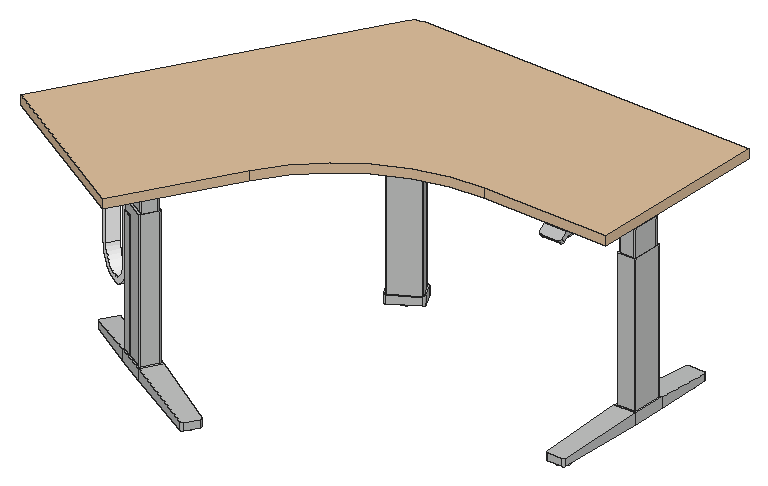
Revit family "Table-Teknion-JNTV-Navigate_Height_Adjustable_120-R2018", category Furniture, Revit 2018
Family settings
  OmniClass Number = 23.40.20.00
  OmniClass Title = General Furniture and Specialties
  Work Plane-Based = No
  Always vertical = No
  Cut with Voids When Loaded = No
  Shared = Yes
  Room Calculation Point = No
Parameters (values of type "23" Depth, Standard - Recessed on Left")
  Worksurface Finish [instance] = Veneer - Teknion - 5N - Flintwood - White Oak
  Width B [instance] = Width A  # 43.000"
  Width A [instance] = 43.000"
  Switch Finish [instance] = Paint - Teknion - Mica - Platinum
  SR Cutout Offset [instance] = if([Square Cut-outs - Right], 4.000", 1.000")  # 1.000"
  SL Cutout Offset [instance] = if([Square Cut-outs - Left], 4.000", 1.000")  # 1.000"
  Right e-Chain Vertical Cable Manager Visibility [instance] = no
  Right 2Ds = Table-Teknion-JNTV-Navigate_Height_Adjustable_120-Right2Ds-2018 : 23" Depth, Standard Width Configuration
  Power Accessory Finish [instance] = Plastic - Teknion - 8C - Very White
  NN or E [instance] = or(No Powerbar, External Powerbar)  # yes
  Midsupport Offset Side B [instance] = if([29 Foot], if(L, 0.974", 3.974"), if(L, 1.551", 4.551"))  # 1.551"
  Midsupport Offset Side A [instance] = if([29 Foot], if(R, 0.974", 3.974"), if(R, 1.551", 4.551"))  # 4.551"
  Midsupport Inner = if([23 Foot], 10.778" + 0.577", 10.778")  # 11.355"
  Leg Cover Finish [instance] = Paint - Teknion - Mica - Platinum
  Left e-Chain Vertical Cable Manager Visibility [instance] = yes
  Left 2Ds = Table-Teknion-JNTV-Navigate_Height_Adjustable_120-Left2Ds-2018 : 23" Depth, Standard - Recessed on Left
  Internal Power Offset [instance] = if(or(Actual Width = 36.092", Actual Width = 35.515"), 11.297", if(or(Actual Width = 39.092", Actual Width = 38.515"), 12.797", if(or(Actual Width = 42.092", Actual Width = 41.515"), 14.297", if(or(Actual Width = 45.092", Actual Width = 44.515"), 15.797", if(or(Actual Width = 48.092", Actual Width = 47.515"), 17.297", if(or(Actual Width = 51.092", Actual Width = 50.515"), 18.797", 11.297"))))))  # 11.297"
  I or P [instance] = or(Frame Integrated Powerbar, Frame Integrated Powerbar with IEC Outlet)  # no
  Grommet Offset [instance] = if(or(Actual Width = 30.092", Actual Width = 29.515"), 4.814", if(or(Actual Width = 33.092", Actual Width = 32.515"), 14.314", 7.814"))  # 4.814"
  Grommet Finish [instance] = Plastic - Teknion - Z2 - Crisp Grey
  External Powerbar Offset [instance] = if(Actual Width A = 29.515", 6.335", if(Actual Width A = 32.515", 7.835", if(Actual Width A = 30.092", 6.624", if(Actual Width A = 33.092", 8.124", if(Actual Width A = 26.515", 5.124", if(Actual Width A = 27.092", 4.835", 6.335"))))))  # 6.624"
  E-chain Finish [instance] = Plastic - Teknion - 8C - Very White
  Desk Edge Width [instance] = Actual Width + 4.799"  # 34.891"
  Description = "Navigate Height-Adjustable Base - 120 , 23\" Depth A, 23\" Depth B, Standard - Recessed on Left Width Configuration"
  DR Cutout Offset [instance] = if([Diamond Cut-outs - Right], 4.000", 1.000")  # 1.000"
  Diamond Cut-outs - Right [instance] = no
  Square Cut-outs - Right [instance] = no
  Square Cut-outs - Left [instance] = no
  No Cut-outs [instance] = not(or([Diamond & Square Cut-outs - Left], [Diamond & Square Cut-outs - Right], [Diamond Cut-outs - Right], [Diamond Cut-outs - Left], [Square Cut-outs - Left], [Square Cut-outs - Right]))  # yes
  DL Cutout Offset [instance] = if([Diamond Cut-outs - Left], 4.000", 1.000")  # 1.000"
  Diamond Cut-outs - Left [instance] = no
  Cut-Out Style Note [instance] = "Select one of the Worksurface Cutout options below."  # constant formula
  Corner Profile Cut [instance] = if(Curved Corner Detail, 4.000", 1.000")  # 1.000"
  Diamond & Square Cut-outs - Right [instance] = no
  CR Cutout Offset [instance] = if([Diamond & Square Cut-outs - Right], 4.000", 1.000")  # 1.000"
  CL Cutout Offset [instance] = if([Diamond & Square Cut-outs - Left], 4.000", 1.000")  # 1.000"
  Diamond & Square Cut-outs - Left [instance] = no
  Warranty = "http://www.teknion.com/ca/papers/legal-canada"
  Unit Weight URL = "http://www.teknion.com/ca/tools/assets#&asset=bee6a381-b954-425e-8283-5a2de3a804f2,f828d448-4b62-4231-9e5f-9a8991c0ed77"
  URL = "www.teknion.com"
  To render please download texture images found here [instance] = "https://assets.teknion.com/web/5e81352c1dfdb467/revit-material-swatches/"
  Sustainability Data = "https://www.teknion.com/ca/tools/assets#&topic=216f99a5-57a0-44fc-b10a-9dee9b29ae4c&asset=444deb64-fe58-4b68-981e-f75e97781df7,b4ff2d81-9f2e-437d-9659-7cffb09c31cf"
  Standard Corner Detail [instance] = not(Curved Corner Detail)  # yes
  Series = "Expansion Cityline"  # constant formula
  S = no
  R = no
  Product Page URL = "https://www.teknion.com/ca/products/product-details?productlineid=9ad2a26e-8e7a-673b-a6c8-ff05004460c4"
  Product Line = "Expansion Cityline"  # constant formula
  Product Documentation Link 2 = "https://www.teknion.com/pricing/expansion-cityline/pdfs/JNHV_ppg.pdf"
  Product Documentation Link = "https://www.teknion.com/pricing/expansion-cityline/pdfs/JNTV_ppg.pdf"
  Powerbar Notes [instance] = "Select one Powerbar option. Unselecting all options will be show no Powerbar."  # constant formula
  Part Number = "JNTV"  # constant formula
  No Powerbar [instance] = not(or(External Powerbar, Frame Integrated Powerbar, Frame Integrated Powerbar with IEC Outlet))  # yes
  Model = "JNTVN_2323__L_"
  Manufacturer Phone = "416-661-3370"  # constant formula
  Manufacturer Fax = "416.661.4586"  # constant formula
  Manufacturer Contact Information = "http://www.teknion.com/ca/contactus"
  Manufacturer Address = "1150 Flint Road, Toronto, ON. M3J 2J5. Canada"  # constant formula
  Manufacturer = "Teknion"  # constant formula
  L = yes
  How To Use Teknion Materials User Guide [instance] = "https://assets.teknion.com/m/205dd0a49fa58060/original/How-to-add-a-Material-Library-and-Texture-Images-to-your-Revit-project.pdf"
  Height [instance] = 29.000"
  Frame Integrated Powerbar [instance] = no
  Frame Integrated Powerbar with IEC Outlet [instance] = no
  For Additional Finishes please visit [instance] = "https://assets.teknion.com/m/44a8009b046e5d47/original/Teknion_Materials_Library.zip"
  External Powerbar [instance] = no
  Depth = if([23 Foot], 23.000", 29.000")  # 23.000"
  Curved Corner Detail [instance] = no
  Corner Detail Note [instance] = "Select one of the Corner options below."  # constant formula
  Base Mechanism Notes [instance] = "Select one of the Base Mechanism options below."  # constant formula
  Base Finish [instance] = Paint - Teknion - Mica - Platinum
  Available Widths [instance] = if(or(Frame Integrated Powerbar, Frame Integrated Powerbar with IEC Outlet), "49, 52, 55, 58, 61,or 64 inches", if(External Powerbar, "43 or 46 inches", "43, 46, 49, 52, 55, 58, 61,or 64 inches"))  # "43, 46, 49, 52, 55, 58, 61,or 64 inches"
  Available Heights [instance] = if([Extended Electric - Extended], "27.5 to 48.7 Inches", "22.6 - 48.7 Inches")  # "27.5 to 48.7 Inches"
  Assembly Code = "E2020200"
  Actual Width B [instance] = if(or(S, R), Actual Width, Actual Width - 3.000")  # 27.092"
  Actual Width A [instance] = if(or(S, L), Actual Width, Actual Width - 3.000")  # 30.092"
  Actual Width [instance] = if(Depth = 23.000", if(or(Frame Integrated Powerbar, Frame Integrated Powerbar with IEC Outlet), if(or(Width A < 49.000", Width A = 49.000"), 36.092", if(Width A = 52.000", 39.092", if(Width A = 55.000", 42.092", if(Width A = 58.000", 45.092", if(Width A = 61.000", 48.092", if(Width A = 64.000", 51.092", if(Width A > 64.000", 51.092", 36.092"))))))), if(External Powerbar, if(or(Width A < 43.000", Width A = 43.000"), 30.092", if(or(Width A > 46.000", Width A = 46.000"), 33.092", 30.092")), if(or(Width A < 43.000", Width A = 43.000"), 30.092", if(Width A = 46.000", 33.092", if(or(Width A < 49.000", Width A = 49.000"), 36.092", if(Width A = 52.000", 39.092", if(Width A = 55.000", 42.092", if(Width A = 58.000", 45.092", if(Width A = 61.000", 48.092", if(Width A = 64.000", 51.092", if(Width A > 64.000", 51.092", 36.092"))))))))))), if(or(Frame Integrated Powerbar, Frame Integrated Powerbar with IEC Outlet), if(or(Width A < 49.000", Width A = 49.000"), 35.515", if(Width A = 52.000", 38.515", if(Width A = 55.000", 41.515", if(Width A = 58.000", 44.515", if(Width A = 61.000", 47.515", if(Width A = 64.000", 50.515", if(Width A > 64.000", 50.515", 35.515"))))))), if(External Powerbar, if(or(Width A < 43.000", Width A = 43.000"), 29.515", if(or(Width A > 46.000", Width A = 46.000"), 32.515", 29.515")), if(or(Width A < 43.000", Width A = 43.000"), 29.515", if(Width A = 46.000", 32.515", if(or(Width A < 49.000", Width A = 49.000"), 35.515", if(Width A = 52.000", 38.515", if(Width A = 55.000", 41.515", if(Width A = 58.000", 44.515", if(Width A = 61.000", 47.515", if(Width A = 64.000", 50.515", if(Width A > 64.000", 50.515", 29.515"))))))))))))  # 30.092"
  Actual Height [instance] = if([Extended Electric - Extended], if(or(Height < 27.500", Height = 27.500"), 24.500", if(or(Height > 48.700", Height = 48.700"), 48.700", Height)), if(or(Height < 22.600", Height = 22.600"), 22.600", if(or(Height > 48.700", Height = 48.700"), 48.700", Height)))  # 29.000"
  Actual Depth B = if([23 Foot], 8.955", 13.955")  # 8.955"
  Actual Depth A = if([23 Foot], 14.045", 15.045")  # 14.045"
  Extended Electric - Cityline Restricted [instance] = not([Extended Electric - Extended])  # no
  Extended Electric - Extended [instance] = yes
  29 Foot = not([23 Foot])  # no
  23 Foot = yes
  E-Chain Notes [instance] = "Select one or none of the Echain options below"  # constant formula
Reference planes (in)
  plane 1 "Center Front/Back": y = 0
  plane 2: z = 0
  plane 3 "Center Left/Right": x = 0
  plane 4 "Left": x = -40.109
  plane 5 "Right": x = 34.891
  plane 6 "Back": y = 14.045
  plane 7 "Front": y = -55.88507
  plane 8 "Top": z = 29
  plane 9: through (-19.45957, -20.04816, 48) normal (0.5, 0.866, 0)
  plane 10: through (0, 0, 48) normal (-0.5, -0.866, 0)
  plane 11: through (-56.06229, -7.92108, 48) normal (0.5, 0.866, 0)
  plane 12: x = 30.092
  plane 13: through (-26.22159, -17.32713, 48) normal (-0.866, 0.5, 0)
  plane 14: through (-6.07684, -28.43539, 48) normal (-0.866, 0.5, 0)
  plane 15: y = -8.955
  plane 16 "B Side Front/Back": through (0, 0, 48) normal (0.866, -0.5, 0)
  plane 17: z = 0.2315
  plane 18: z = 0.27559
  plane 19: z = 1.65354
  plane 20: z = 19.30906
  plane 21: z = 22.59553
  plane 22: z = 25.88201
  plane 23: z = 27.81102
  plane 24: z = 11.29777
  plane 25: x = 4.551
  plane 26: through (-13.80485, 6.17929, 48) normal (0.5, 0.866, 0)
  plane 27: x = 4.814
  plane 28: through (-15.43635, 3.35345, 48) normal (0.5, 0.866, 0)
  plane 29: x = 6.624
  plane 30: x = 18.795
  plane 31: through (-20.92685, -6.15637, 48) normal (0.5, 0.866, 0)
Forms (in)
  Sweep 1, solid, material "Plastic - Teknion - Z2 - Crisp Grey"
    path origin (0, 0, 0) x (1, 0, 0) y (0, 0, 1)
      loop
        line (0, 0) -> (0, 0.2315)
    profile origin (0, 0, 0.11575) x (-1, 0, 0) y (0, -1, 0)
      loop
        circle (23.61373, 15.51262) r 0.985
      loop
        circle (6.03553, 25.6614) r 0.985
      loop
        circle (-28.24114, -12.69381) r 0.985
      loop
        circle (-28.24119, 7.60374) r 0.985
      loop
        circle (4.78319, -8.28469) r 0.985
  Sweep 2, solid, material "Paint - Teknion - Mica - Platinum" <- "Base Finish"
    path origin (0, 0, 0) x (1, 0, 0) y (0, 0, 1)
      loop
        line (0, 1.65354) -> (0, 19.30906)
    profile origin (0, 0, 10.4813) x (-1, 0, 0) y (0, -1, 0)
      loop
        line (-29.30418, -6.51345) -> (-27.1782, -6.51345)
        arc (-27.1782, -6.51345) -> (-27.09468, -6.47885) -> (-27.06009, -6.39534) r 0.11811
        line (-27.06009, -6.39534) -> (-27.06009, -2.69455)
        arc (-27.06009, -2.69455) -> (-27.09468, -2.61103) -> (-27.1782, -2.57644) r 0.11811
        line (-27.1782, -2.57644) -> (-29.30418, -2.57644)
        arc (-29.30418, -2.57644) -> (-29.3877, -2.61103) -> (-29.42229, -2.69455) r 0.11811
        line (-29.42229, -2.69455) -> (-29.42229, -6.39534)
        arc (-29.42229, -6.39534) -> (-29.3877, -6.47885) -> (-29.30418, -6.51345) r 0.11811
      loop
        line (17.72991, 17.68221) -> (18.7929, 19.52337)
        arc (18.7929, 19.52337) -> (18.8047, 19.613) -> (18.74967, 19.68471) r 0.11811
        line (18.74967, 19.68471) -> (15.54469, 21.53511)
        arc (15.54469, 21.53511) -> (15.45507, 21.54691) -> (15.38335, 21.49187) r 0.11811
        line (15.38335, 21.49187) -> (14.32036, 19.65072)
        arc (14.32036, 19.65072) -> (14.30856, 19.56109) -> (14.36359, 19.48938) r 0.11811
        line (14.36359, 19.48938) -> (17.56856, 17.63898)
        arc (17.56856, 17.63898) -> (17.65819, 17.62718) -> (17.72991, 17.68221) r 0.11811
  Sweep 3, solid, material "Paint - Teknion - Mica - Platinum" <- "Base Finish"
    path origin (0, 0, 0) x (1, 0, 0) y (0, 0, 1)
      loop
        line (0, 1.29921) -> (0, 19.30906)
    profile origin (0, 0, 10.30413) x (-1, 0, 0) y (0, -1, 0)
      loop
        line (3.77094, -10.23224) -> (6.97591, -8.38185)
        arc (6.97591, -8.38185) -> (7.03094, -8.31013) -> (7.01914, -8.22051) r 0.11811
        line (7.01914, -8.22051) -> (5.95615, -6.37935)
        arc (5.95615, -6.37935) -> (5.88444, -6.32432) -> (5.79481, -6.33612) r 0.11811
        line (5.79481, -6.33612) -> (2.58983, -8.18651)
        arc (2.58983, -8.18651) -> (2.5348, -8.25823) -> (2.5466, -8.34785) r 0.11811
        line (2.5466, -8.34785) -> (3.6096, -10.18901)
        arc (3.6096, -10.18901) -> (3.68131, -10.24404) -> (3.77094, -10.23224) r 0.11811
  Sweep 4, solid, material "Paint - Teknion - Mica - Platinum" <- "Base Finish"
    path origin (0, 0, 0) x (1, 0, 0) y (0, 0, 1)
      loop
        line (0, 18.30906) -> (0, 22.59553)
    profile origin (0, 0, 20.45229) x (-1, 0, 0) y (0, -1, 0)
      loop
        line (17.65785, 17.95112) -> (18.524, 19.45132)
        arc (18.524, 19.45132) -> (18.5358, 19.54094) -> (18.48076, 19.61266) r 0.11811
        line (18.48076, 19.61266) -> (15.61674, 21.2662)
        arc (15.61674, 21.2662) -> (15.52712, 21.278) -> (15.4554, 21.22297) r 0.11811
        line (15.4554, 21.22297) -> (14.58926, 19.72277)
        arc (14.58926, 19.72277) -> (14.57746, 19.63315) -> (14.63249, 19.56143) r 0.11811
        line (14.63249, 19.56143) -> (17.49651, 17.90789)
        arc (17.49651, 17.90789) -> (17.58614, 17.89609) -> (17.65785, 17.95112) r 0.11811
      loop
        line (3.84299, -9.96334) -> (6.70701, -8.3098)
        arc (6.70701, -8.3098) -> (6.76204, -8.23808) -> (6.75024, -8.14845) r 0.11811
        line (6.75024, -8.14845) -> (5.8841, -6.64825)
        arc (5.8841, -6.64825) -> (5.81238, -6.59322) -> (5.72276, -6.60502) r 0.11811
        line (5.72276, -6.60502) -> (2.85874, -8.25857)
        arc (2.85874, -8.25857) -> (2.80371, -8.33028) -> (2.81551, -8.41991) r 0.11811
        line (2.81551, -8.41991) -> (3.68165, -9.92011)
        arc (3.68165, -9.92011) -> (3.75337, -9.97514) -> (3.84299, -9.96334) r 0.11811
      loop
        line (-27.25694, -6.19849) -> (-27.25694, -2.8914)
        arc (-27.25694, -2.8914) -> (-27.29153, -2.80788) -> (-27.37505, -2.77329) r 0.11811
        line (-27.37505, -2.77329) -> (-29.10733, -2.77329)
        arc (-29.10733, -2.77329) -> (-29.19085, -2.80788) -> (-29.22544, -2.8914) r 0.11811
        line (-29.22544, -2.8914) -> (-29.22544, -6.19849)
        arc (-29.22544, -6.19849) -> (-29.19085, -6.282) -> (-29.10733, -6.3166) r 0.11811
        line (-29.10733, -6.3166) -> (-27.37505, -6.3166)
        arc (-27.37505, -6.3166) -> (-27.29153, -6.282) -> (-27.25694, -6.19849) r 0.11811
  Sweep 5, solid, material "Paint - Teknion - Mica - Platinum" <- "Base Finish"
    path origin (0, 0, 0) x (1, 0, 0) y (0, 0, 1)
      loop
        line (0, 21.59553) -> (0, 25.88976)
    profile origin (0, 0, 23.74265) x (-1, 0, 0) y (0, -1, 0)
      loop
        line (3.91504, -9.69444) -> (6.43811, -8.23774)
        arc (6.43811, -8.23774) -> (6.49314, -8.16603) -> (6.48134, -8.0764) r 0.11811
        line (6.48134, -8.0764) -> (5.81205, -6.91716)
        arc (5.81205, -6.91716) -> (5.74033, -6.86213) -> (5.65071, -6.87392) r 0.11811
        line (5.65071, -6.87392) -> (3.12764, -8.33062)
        arc (3.12764, -8.33062) -> (3.07261, -8.40233) -> (3.08441, -8.49196) r 0.11811
        line (3.08441, -8.49196) -> (3.7537, -9.65121)
        arc (3.7537, -9.65121) -> (3.82542, -9.70624) -> (3.91504, -9.69444) r 0.11811
      loop
        line (-28.91048, -6.11975) -> (-27.5719, -6.11975)
        arc (-27.5719, -6.11975) -> (-27.48838, -6.08515) -> (-27.45379, -6.00164) r 0.11811
        line (-27.45379, -6.00164) -> (-27.45379, -3.08825)
        arc (-27.45379, -3.08825) -> (-27.48838, -3.00473) -> (-27.5719, -2.97014) r 0.11811
        line (-27.5719, -2.97014) -> (-28.91048, -2.97014)
        arc (-28.91048, -2.97014) -> (-28.994, -3.00473) -> (-29.02859, -3.08825) r 0.11811
        line (-29.02859, -3.08825) -> (-29.02859, -6.00164)
        arc (-29.02859, -6.00164) -> (-28.994, -6.08515) -> (-28.91048, -6.11975) r 0.11811
      loop
        line (17.5858, 18.22002) -> (18.25509, 19.37927)
        arc (18.25509, 19.37927) -> (18.26689, 19.46889) -> (18.21186, 19.54061) r 0.11811
        line (18.21186, 19.54061) -> (15.6888, 20.9973)
        arc (15.6888, 20.9973) -> (15.59917, 21.0091) -> (15.52745, 20.95407) r 0.11811
        line (15.52745, 20.95407) -> (14.85816, 19.79482)
        arc (14.85816, 19.79482) -> (14.84636, 19.7052) -> (14.90139, 19.63348) r 0.11811
        line (14.90139, 19.63348) -> (17.42446, 18.17679)
        arc (17.42446, 18.17679) -> (17.51408, 18.16499) -> (17.5858, 18.22002) r 0.11811
  Sweep 6, solid, material "Paint - Teknion - Mica - Platinum" <- "Base Finish"
    path origin (0, 0, 0) x (1, 0, 0) y (0, 0, 1)
      loop
        line (0, 0.27559) -> (0, 1.29921)
    profile origin (0, 0, 0.7874) x (-1, 0, 0) y (0, -1, 0)
      loop
        arc (6.14027, -6.27305) -> (5.93946, -6.11897) -> (5.68851, -6.152) r 0.33071
        line (5.68851, -6.152) -> (2.48354, -8.0024)
        arc (2.48354, -8.0024) -> (2.32945, -8.20321) -> (2.36249, -8.45415) r 0.33071
        line (2.36249, -8.45415) -> (3.42548, -10.29531)
        arc (3.42548, -10.29531) -> (3.62629, -10.4494) -> (3.87724, -10.41636) r 0.33071
        line (3.87724, -10.41636) -> (7.08221, -8.56596)
        arc (7.08221, -8.56596) -> (7.2363, -8.36516) -> (7.20326, -8.11421) r 0.33071
        line (7.20326, -8.11421) -> (6.14027, -6.27305)
  Sweep 7, solid, material "Paint - Teknion - Mica - Platinum" <- "Base Finish"
    path origin (0, 0, 0) x (1, 0, 0) y (0, 0, 1)
      loop
        line (0, 25.88201) -> (0, 27.81102)
    profile origin (0, 0, 26.84652) x (-1, 0, 0) y (0, -1, 0)
      loop
        line (2.27821, 0.27882) -> (-1.38057, -1.83358)
        arc (-1.38057, -1.83358) -> (-1.45395, -1.9292) -> (-1.43822, -2.0487) r 0.15748
        line (-1.43822, -2.0487) -> (3.48009, -10.56746)
        arc (3.48009, -10.56746) -> (3.57571, -10.64083) -> (3.69521, -10.6251) r 0.15748
        line (3.69521, -10.6251) -> (7.354, -8.5127)
        arc (7.354, -8.5127) -> (7.42737, -8.41707) -> (7.41164, -8.29758) r 0.15748
        line (7.41164, -8.29758) -> (2.49333, 0.22118)
        arc (2.49333, 0.22118) -> (2.39771, 0.29456) -> (2.27821, 0.27882) r 0.15748
      loop
        line (-29.07328, -13.00951) -> (-27.56659, -13.00951)
        arc (-27.56659, -13.00951) -> (-27.24927, -12.88747) -> (-27.09552, -12.58425) r 0.47353
        line (-27.09552, -12.58425) -> (-26.59061, -7.65675)
        arc (-26.59061, -7.65675) -> (-26.55964, -7.25786) -> (-26.54833, -6.85793) r 8.12634
        line (-26.54833, -6.85793) -> (-29.61915, -6.85793) -> (-29.61915, -2.23195) -> (-26.54833, -2.23195)
        arc (-26.54833, -2.23195) -> (-26.55964, -1.83202) -> (-26.59061, -1.43313) r 8.12634
        line (-26.59061, -1.43313) -> (-27.09552, 3.49436)
        arc (-27.09552, 3.49436) -> (-27.24927, 3.79758) -> (-27.56659, 3.91962) r 0.47353
        line (-27.56659, 3.91962) -> (-29.07328, 3.91962)
        arc (-29.07328, 3.91962) -> (-29.39059, 3.79758) -> (-29.54434, 3.49436) r 0.47353
        line (-29.54434, 3.49436) -> (-30.04926, -1.43313)
        arc (-30.04926, -1.43313) -> (-30.081, -1.84677) -> (-30.09159, -2.26149) r 8.12634
        line (-30.09159, -2.26149) -> (-30.09159, -6.82839)
        arc (-30.09159, -6.82839) -> (-30.081, -7.24311) -> (-30.04926, -7.65675) r 8.12634
        line (-30.04926, -7.65675) -> (-29.54434, -12.58425)
        arc (-29.54434, -12.58425) -> (-29.39059, -12.88747) -> (-29.07328, -13.00951) r 0.47353
      loop
        line (23.54985, 14.77053) -> (24.3032, 16.07537)
        arc (24.3032, 16.07537) -> (24.35617, 16.41119) -> (24.17045, 16.69595) r 0.47353
        line (24.17045, 16.69595) -> (20.15556, 19.59697)
        arc (20.15556, 19.59697) -> (19.81321, 19.83128) -> (19.45935, 20.04781) r 8.12634
        line (19.45935, 20.04781) -> (15.5043, 22.33126)
        arc (15.5043, 22.33126) -> (15.13985, 22.52945) -> (14.76576, 22.70878) r 8.12634
        line (14.76576, 22.70878) -> (10.24596, 24.73526)
        arc (10.24596, 24.73526) -> (9.90649, 24.75372) -> (9.64214, 24.53994) r 0.47353
        line (9.64214, 24.53994) -> (8.88879, 23.2351)
        arc (8.88879, 23.2351) -> (8.83583, 22.89928) -> (9.02155, 22.61452) r 0.47353
        line (9.02155, 22.61452) -> (13.03643, 19.7135)
        arc (13.03643, 19.7135) -> (13.36639, 19.48723) -> (13.70709, 19.27748) r 8.12634
        line (13.70709, 19.27748) -> (15.24249, 21.93688) -> (19.24871, 19.62389) -> (17.71331, 16.96449)
        arc (17.71331, 16.96449) -> (18.06531, 16.77431) -> (18.42624, 16.60169) r 8.12634
        line (18.42624, 16.60169) -> (22.94604, 14.57521)
        arc (22.94604, 14.57521) -> (23.28551, 14.55676) -> (23.54985, 14.77053) r 0.47353
  Sweep 8, void
    path origin (0, 0, 0) x (1, 0, 0) y (0, 0, 1)
      loop
        line (0, 25.9937) -> (0, 27.81102)
    profile origin (0, 0, 26.90236) x (-1, 0, 0) y (0, -1, 0)
      loop
        line (3.59486, -10.56939) -> (7.35593, -8.39793) -> (2.37857, 0.22311) -> (-1.38251, -1.94834) -> (3.59486, -10.56939)
  Sweep 9, void
    path origin (0, 0, 0) x (1, 0, 0) y (0, 1, 0)
      loop
        line (-13.546, -23.46236) -> (-11.546, -19.99826)
    profile origin (-12.546, -21.73031, 0) x (-0.866025, 0.5, 0) y (0, 0, 1)
      loop
        line (13.65834, 27.37125) -> (7.25013, 25.88205) -> (6.83107, 25.88205) -> (6.83107, 24.88205) -> (13.65834, 24.88205) -> (13.65834, 27.37125)
      loop
        line (-4.56846, 27.37125) -> (-4.56846, 24.88205) -> (2.2588, 24.88205) -> (2.2588, 25.88205) -> (1.83974, 25.88205) -> (-4.56846, 27.37125)
  Sweep 10, void
    path origin (0, 0, 0) x (1, 0, 0) y (0, 1, 0)
      loop
        line (30.092, 0) -> (26.092, 0)
    profile origin (28.092, 0, 0) x (0, -1, 0) y (0, 0, 1)
      loop
        line (4.65016, 27.39025) -> (-1.83973, 25.88201) -> (4.65016, 25.88201) -> (4.65016, 27.39025)
      loop
        line (-7.25015, 25.88201) -> (-13.70459, 27.38201) -> (-13.70459, 25.88201) -> (-7.25015, 25.88201)
  Sweep 11, solid, material "Paint - Teknion - Mica - Platinum" <- "Base Finish"
    path origin (0, 0, 0) x (1, 0, 0) y (0, 0, 1)
      loop
        line (0, 26) -> (0, 27.81102)
    profile origin (0, 0, 26.90551) x (-1, 0, 0) y (0, -1, 0)
      loop
        arc (0.25291, -4.13883) -> (0.10616, -4.33008) -> (0.13762, -4.56908) r 0.31496
        line (0.13762, -4.56908) -> (3.44266, -10.29357)
        arc (3.44266, -10.29357) -> (3.63391, -10.44032) -> (3.87291, -10.40886) r 0.31496
        line (3.87291, -10.40886) -> (7.07788, -8.55846)
        arc (7.07788, -8.55846) -> (7.22463, -8.36722) -> (7.19317, -8.12822) r 0.31496
        line (7.19317, -8.12822) -> (3.88813, -2.40372)
        arc (3.88813, -2.40372) -> (3.69688, -2.25697) -> (3.45788, -2.28844) r 0.31496
        line (3.45788, -2.28844) -> (0.25291, -4.13883)
      loop
        arc (-22.37915, -2.69455) -> (-22.47139, -2.47184) -> (-22.69411, -2.37959) r 0.31496
        line (-22.69411, -2.37959) -> (-29.30418, -2.37959)
        arc (-29.30418, -2.37959) -> (-29.5269, -2.47184) -> (-29.61915, -2.69455) r 0.31496
        line (-29.61915, -2.69455) -> (-29.61915, -6.39534)
        arc (-29.61915, -6.39534) -> (-29.5269, -6.61805) -> (-29.30418, -6.7103) r 0.31496
        line (-29.30418, -6.7103) -> (-22.69411, -6.7103)
        arc (-22.69411, -6.7103) -> (-22.47139, -6.61805) -> (-22.37915, -6.39534) r 0.31496
        line (-22.37915, -6.39534) -> (-22.37915, -2.69455)
      loop
        line (12.02312, 15.43556) -> (15.2281, 13.58516)
        arc (15.2281, 13.58516) -> (15.46709, 13.5537) -> (15.65834, 13.70045) r 0.31496
        line (15.65834, 13.70045) -> (18.96338, 19.42494)
        arc (18.96338, 19.42494) -> (18.99484, 19.66394) -> (18.8481, 19.85519) r 0.31496
        line (18.8481, 19.85519) -> (15.64312, 21.70558)
        arc (15.64312, 21.70558) -> (15.40412, 21.73705) -> (15.21288, 21.5903) r 0.31496
        line (15.21288, 21.5903) -> (11.90784, 15.8658)
        arc (11.90784, 15.8658) -> (11.87637, 15.6268) -> (12.02312, 15.43556) r 0.31496
  Sweep 12, solid, material "Paint - Teknion - Mica - Platinum" <- "Base Finish"
    path origin (0, 0, 0) x (1, 0, 0) y (0, 0, 1)
      loop
        line (0, 27.69291) -> (0, 27.81102)
    profile origin (0, 0, 27.75197) x (-1, 0, 0) y (0, -1, 0)
      loop
        line (7.21479, -7.95662) -> (8.38768, -7.27946)
        arc (8.38768, -7.27946) -> (8.47939, -7.15993) -> (8.45973, -7.01055) r 0.19685
        line (8.45973, -7.01055) -> (7.23926, -4.89663)
        arc (7.23926, -4.89663) -> (7.11973, -4.80492) -> (6.97035, -4.82458) r 0.19685
        line (6.97035, -4.82458) -> (5.79747, -5.50175) -> (7.21479, -7.95662)
      loop
        line (1.98312, 0.10845) -> (1.63272, 0.71535)
        arc (1.63272, 0.71535) -> (1.51319, 0.80707) -> (1.36382, 0.7874) r 0.19685
        line (1.36382, 0.7874) -> (-1.36382, -0.7874)
        arc (-1.36382, -0.7874) -> (-1.45554, -0.90693) -> (-1.43587, -1.0563) r 0.19685
        line (-1.43587, -1.0563) -> (-1.08548, -1.6632) -> (1.98312, 0.10845)
      loop
        line (1.86592, -7.77163) -> (0.69303, -8.44879)
        arc (0.69303, -8.44879) -> (0.60132, -8.56832) -> (0.62098, -8.7177) r 0.19685
        line (0.62098, -8.7177) -> (1.84145, -10.83162)
        arc (1.84145, -10.83162) -> (1.96098, -10.92333) -> (2.11036, -10.90367) r 0.19685
        line (2.11036, -10.90367) -> (3.28324, -10.2265) -> (1.86592, -7.77163)
  Sweep 13, solid, material "Paint - Teknion - Mica - Platinum" <- "Base Finish"
    path origin (0, 0, 0) x (1, 0, 0) y (0, 1, 0)
      loop
        line (-5.6775, -9.83372) -> (0, 0) -> (11.355, 0)
    profile origin (-2.83875, -4.91686, 0) x (-0.866025, 0.5, 0) y (0, 0, 1)
      loop
        arc (6.6158, 26.18504) -> (6.58698, 26.11544) -> (6.51738, 26.08661) r 0.09843
        line (6.51738, 26.08661) -> (2.5725, 26.08661)
        arc (2.5725, 26.08661) -> (2.5029, 26.11544) -> (2.47407, 26.18504) r 0.09843
        line (2.47407, 26.18504) -> (2.47407, 27.79921) -> (2.37565, 27.79921) -> (2.37565, 26.19685)
        arc (2.37565, 26.19685) -> (2.43676, 26.0493) -> (2.58431, 25.98819) r 0.20866
        line (2.58431, 25.98819) -> (6.50557, 25.98819)
        arc (6.50557, 25.98819) -> (6.65311, 26.0493) -> (6.71423, 26.19685) r 0.20866
        line (6.71423, 26.19685) -> (6.71423, 27.79921) -> (6.6158, 27.79921) -> (6.6158, 26.18504)
  Sweep 14, void
    path origin (0, 0, 0) x (1, 0, 0) y (0, 0, 1)
      loop
        line (0, 29) -> (0, 25)
    profile origin (0, 0, 27) x (0, -1, 0) y (1, 0, 0)
      loop
        line (-5.93876, -6.04978) -> (0.35756, -2.41459) -> (-1.91232, 1.51696) -> (-8.20864, -2.11823) -> (-5.93876, -6.04978)
  Sweep 15, void
    path origin (0, 0, 0) x (1, 0, 0) y (0, 0, 1)
      loop
        line (0, 25.88201) -> (0, 27.81102)
    profile origin (0, 0, 26.84652) x (-1, 0, 0) y (0, -1, 0)
      loop
        line (7.49038, -8.43396) -> (2.41459, 0.35756) -> (-1.51696, -1.91232) -> (3.55883, -10.70384) -> (7.49038, -8.43396)
  Sweep 16, solid, material "Paint - Teknion - Mica - Platinum" <- "Base Finish"
    path origin (0, 0, 0) x (1, 0, 0) y (0, 1, 0)
      loop
        line (4.551, 0) -> (29.57584, 0)
    profile origin (17.06342, 0, 0) x (0, 1, 0) y (0, 0, 1)
      loop
        line (6.84022, 27.81102) -> (6.74179, 27.81102) -> (6.74179, 26.08661)
        arc (6.74179, 26.08661) -> (6.71296, 26.01702) -> (6.64337, 25.98819) r 0.09843
        line (6.64337, 25.98819) -> (2.44652, 25.98819)
        arc (2.44652, 25.98819) -> (2.37692, 26.01702) -> (2.34809, 26.08661) r 0.09843
        line (2.34809, 26.08661) -> (2.34809, 27.81102) -> (2.24967, 27.81102) -> (2.24967, 26.09843)
        arc (2.24967, 26.09843) -> (2.31078, 25.95088) -> (2.45833, 25.88976) r 0.20866
        line (2.45833, 25.88976) -> (6.63156, 25.88976)
        arc (6.63156, 25.88976) -> (6.7791, 25.95088) -> (6.84022, 26.09843) r 0.20866
        line (6.84022, 26.09843) -> (6.84022, 27.81102)
  Sweep 17, solid, material "Paint - Teknion - Mica - Platinum" <- "Base Finish"
    path origin (0, 0, 0) x (1, 0, 0) y (0, 1, 0)
      loop
        line (-0.7755, -1.34321) -> (-13.28792, -23.01535)
    profile origin (-7.03171, -12.17928, 0) x (0.866025, -0.5, 0) y (0, 0, 1)
      loop
        arc (-2.45832, 25.88976) -> (-2.31078, 25.95088) -> (-2.24966, 26.09843) r 0.20866
        line (-2.24966, 26.09843) -> (-2.24966, 27.81102) -> (-2.34809, 27.81102) -> (-2.34809, 26.08661)
        arc (-2.34809, 26.08661) -> (-2.37692, 26.01702) -> (-2.44651, 25.98819) r 0.09843
        line (-2.44651, 25.98819) -> (-6.64336, 25.98819)
        arc (-6.64336, 25.98819) -> (-6.71296, 26.01702) -> (-6.74179, 26.08661) r 0.09843
        line (-6.74179, 26.08661) -> (-6.74179, 27.81102) -> (-6.84021, 27.81102) -> (-6.84021, 26.09843)
        arc (-6.84021, 26.09843) -> (-6.7791, 25.95088) -> (-6.63155, 25.88976) r 0.20866
        line (-6.63155, 25.88976) -> (-2.45832, 25.88976)
  Sweep 18, solid, material "Veneer - Teknion - 5N - Flintwood - White Oak" <- "Worksurface Finish"
    path origin (0, 0, 0) x (1, 0, 0) y (0, 0, 1)
      loop
        line (0, 27.81102) -> (0, 29)
    profile origin (0, 0, 28.40551) x (-1, 0, 0) y (0, -1, 0)
      loop
        line (-34.891, -14.045) -> (8.10888, -14.045) -> (29.60883, 23.19399) -> (9.69024, 34.69399) -> (-5.17017, 8.955) -> (-34.891, 8.955) -> (-34.891, -14.045)
  Sweep 19, solid, material "Veneer - Teknion - 5N - Flintwood - White Oak" <- "Worksurface Finish"
    path origin (0, 0, 0) x (1, 0, 0) y (0, 0, 1)
      loop
        line (0, 29) -> (0, 27.81102)
    profile origin (0, 0, 28.40551) x (0, -1, 0) y (1, 0, 0)
      loop
        arc (20.955, -1.75803) -> (12.17039, 7.02658) -> (8.955, 19.02658) r 24
        line (8.955, 19.02658) -> (8.955, 5.17017) -> (20.955, -1.75803)
  Sweep 20, void
    path origin (0, 0, 0) x (1, 0, 0) y (0, 0, 1)
      loop
        line (0, 29) -> (0, 27.81102)
    profile origin (0, 0, 28.40551) x (0, -1, 0) y (1, 0, 0)
      loop
        line (-14.045, -8.10888) -> (-13.045, -8.68623)
        arc (-13.045, -8.68623) -> (-13.77705, -7.95418) -> (-14.045, -6.95418) r 2
        line (-14.045, -6.95418) -> (-14.045, -8.10888)
  Sweep 21, solid, material "Paint - Teknion - Mica - Platinum" <- "Base Finish", visible <- "29 Foot"
    path origin (0, 0, 0) x (1, 0, 0) y (0, 0, 1)
      loop
        line (0, 0.27559) -> (0, 1.65354)
    profile origin (0, 0, 0.96457) x (-1, 0, 0) y (0, -1, 0)
      loop
        arc (-27.32879, -15.04494) -> (-27.1366, -14.96664) -> (-27.05386, -14.77632) r 0.275
        line (-27.05386, -14.77632) -> (-26.86678, -6.7103) -> (-26.86678, -2.37959) -> (-27.05687, 13.68331)
        arc (-27.05687, 13.68331) -> (-27.13855, 13.87566) -> (-27.33185, 13.95506) r 0.275
        line (-27.33185, 13.95506) -> (-29.17524, 13.95506)
        arc (-29.17524, 13.95506) -> (-29.35096, 13.88288) -> (-29.42522, 13.70802) r 0.25
        line (-29.42522, 13.70802) -> (-29.6156, -2.37959) -> (-29.6156, -6.7103) -> (-29.42852, -14.77632)
        arc (-29.42852, -14.77632) -> (-29.34579, -14.96664) -> (-29.1536, -15.04494) r 0.275
        line (-29.1536, -15.04494) -> (-27.32879, -15.04494)
      loop
        line (25.19369, 13.54688) -> (26.1061, 15.12721)
        arc (26.1061, 15.12721) -> (26.13438, 15.3328) -> (26.01093, 15.49961) r 0.275
        line (26.01093, 15.49961) -> (19.11909, 19.69464) -> (15.36858, 21.85999) -> (1.34112, 29.73892)
        arc (1.34112, 29.73892) -> (1.15256, 29.76204) -> (1.00218, 29.64595) r 0.25
        line (1.00218, 29.64595) -> (0.08049, 28.04953)
        arc (0.08049, 28.04953) -> (0.0526, 27.84243) -> (0.17834, 27.67552) r 0.275
        line (0.17834, 27.67552) -> (13.99417, 19.47945) -> (17.74468, 17.31409) -> (24.8236, 13.44309)
        arc (24.8236, 13.44309) -> (25.02979, 13.41959) -> (25.19369, 13.54688) r 0.275
  Sweep 22, void
    path origin (0, 0, 0) x (1, 0, 0) y (0, 1, 0)
      loop
        line (30.092, 0) -> (26.092, 0)
    profile origin (28.092, 0, 0) x (0, -1, 0) y (0, 0, 1)
      loop
        line (14.205, 1.14241) -> (14.205, 2.15354) -> (-15.29494, 2.15354) -> (-15.29494, 1.13238) -> (-6.7103, 1.65354) -> (-2.37959, 1.65354) -> (14.205, 1.14241)
  Sweep 23, void
    path origin (0, 0, 0) x (1, 0, 0) y (0, 1, 0)
      loop
        line (-13.546, -23.46236) -> (-11.546, -19.99826)
    profile origin (-12.546, -21.73031, 0) x (-0.866025, 0.5, 0) y (0, 0, 1)
      loop
        line (-14.20506, 2.15354) -> (-14.20506, 1.1424) -> (2.37958, 1.65354) -> (6.71029, 1.65354) -> (15.29494, 1.13238) -> (15.29494, 2.15354) -> (-14.20506, 2.15354)
  Sweep 24, solid, material "Paint - Teknion - Mica - Platinum" <- "Base Finish", visible <- "23 Foot"
    path origin (0, 0, 0) x (1, 0, 0) y (0, 0, 1)
      loop
        line (0, 0.27559) -> (0, 1.7257)
    profile origin (0, 0, 1.00065) x (-1, 0, 0) y (0, -1, 0)
      loop
        arc (-27.32829, -14.04494) -> (-27.13641, -13.96694) -> (-27.05338, -13.77719) r 0.275
        line (-27.05338, -13.77719) -> (-26.86678, -6.69701) -> (-26.86678, -2.40013) -> (-27.05583, 8.68475)
        arc (-27.05583, 8.68475) -> (-27.138, 8.87616) -> (-27.33079, 8.95506) r 0.275
        line (-27.33079, 8.95506) -> (-29.15229, 8.95506)
        arc (-29.15229, 8.95506) -> (-29.34508, 8.87616) -> (-29.42725, 8.68475) r 0.275
        line (-29.42725, 8.68475) -> (-29.6156, -2.35905) -> (-29.6156, -6.72359) -> (-29.4297, -13.77719)
        arc (-29.4297, -13.77719) -> (-29.34667, -13.96694) -> (-29.1548, -14.04494) r 0.275
        line (-29.1548, -14.04494) -> (-27.32829, -14.04494)
      loop
        line (24.32742, 14.04644) -> (25.24068, 15.62825)
        arc (25.24068, 15.62825) -> (25.26906, 15.83342) -> (25.14625, 16.0002) r 0.275
        line (25.14625, 16.0002) -> (19.1306, 19.68799) -> (15.3508, 21.87026) -> (5.69242, 27.22905)
        arc (5.69242, 27.22905) -> (5.48556, 27.25359) -> (5.32084, 27.12608) r 0.275
        line (5.32084, 27.12608) -> (4.41009, 25.54861)
        arc (4.41009, 25.54861) -> (4.38202, 25.3422) -> (4.5067, 25.17533) r 0.275
        line (4.5067, 25.17533) -> (14.01196, 19.46918) -> (17.73317, 17.32074) -> (23.95809, 13.94225)
        arc (23.95809, 13.94225) -> (24.16393, 13.91928) -> (24.32742, 14.04644) r 0.275
  Sweep 25, void
    path origin (0, 0, 0) x (1, 0, 0) y (0, 1, 0)
      loop
        line (30.092, 0) -> (26.092, 0)
    profile origin (28.092, 0, 0) x (0, -1, 0) y (0, 0, 1)
      loop
        line (-14.29494, 1.12959) -> (-6.7103, 1.65354) -> (-2.37959, 1.65354) -> (9.20506, 1.13779) -> (9.20506, 2.15354) -> (-14.29494, 2.15354) -> (-14.29494, 1.12959)
  Sweep 26, void
    path origin (0, 0, 0) x (1, 0, 0) y (0, 1, 0)
      loop
        line (-13.546, -23.46236) -> (-11.546, -19.99826)
    profile origin (-12.546, -21.73031, 0) x (-0.866025, 0.5, 0) y (0, 0, 1)
      loop
        line (6.7103, 1.65354) -> (14.295, 1.12959) -> (14.295, 2.15354) -> (-9.205, 2.15354) -> (-9.205, 1.13779) -> (2.37959, 1.65354) -> (6.7103, 1.65354)
  Sweep 27, solid, material "Paint - Teknion - Mica - Platinum" <- "Switch Finish"
    path origin (0, 0, 0) x (1, 0, 0) y (0, 1, 0)
      loop
        line (26.91359, 0) -> (29.72698, 0)
    profile origin (28.32028, 0, 0) x (0, 1, 0) y (0, 0, 1)
      loop
        line (-9.916, 26.85739) -> (-9.59478, 26.4691) -> (-8.74608, 27.17121) -> (-6.69292, 27.17121) -> (-6.68864, 27.67441) -> (-8.9284, 27.67441) -> (-9.916, 26.85739)
      loop
        line (-5.6378, 27.81102) -> (-6.55118, 27.81102) -> (-6.55118, 27.02362) -> (-8.63781, 27.02362) -> (-8.63781, 26.94488) -> (-6.47244, 26.94488) -> (-6.47244, 27.0937) -> (-5.6378, 27.0937) -> (-5.6378, 27.81102)
  SweptBlend 28, void
    path origin (0, 0, 0) x (1, 0, 0) y (0, 0, 1)
      loop
        line (0, 25.88201) -> (0, 29.88201)
    profile origin (0, 0, 25.88201) x (-1, 0, 0) y (0, -1, 0)
      loop
        arc (-27.3307, 9.03665) -> (-27.03576, 8.91448) -> (-26.91359, 8.61953) r 0.41711
        line (-26.91359, 8.61953) -> (-26.91359, 11.03665) -> (-29.72698, 11.03665) -> (-29.72698, 8.61953)
        arc (-29.72698, 8.61953) -> (-29.60481, 8.91448) -> (-29.30986, 9.03665) r 0.41711
        line (-29.30986, 9.03665) -> (-27.3307, 9.03665)
    end profile origin (0, 0, 29.88201) x (-1, 0, 0) y (0, -1, 0)
      loop
        arc (-27.3307, 12.57531) -> (-27.03576, 12.45314) -> (-26.91359, 12.1582) r 0.41711
        line (-26.91359, 12.1582) -> (-26.91359, 14.57531) -> (-29.72698, 14.57531) -> (-29.72698, 12.1582)
        arc (-29.72698, 12.1582) -> (-29.60481, 12.45314) -> (-29.30986, 12.57531) r 0.41711
        line (-29.30986, 12.57531) -> (-27.3307, 12.57531)
  Sweep 29, solid, material "Paint - Teknion - Mica - Platinum" <- "Leg Cover Finish", visible <- "Right e-Chain Vertical Cable Manager Visibility"
    path origin (0, 0, 0) x (1, 0, 0) y (0, 0, 1)
      loop
        line (0, 1.65354) -> (0, 17.87354)
    profile origin (0, 0, 9.76354) x (-1, 0, 0) y (0, -1, 0)
      loop
        line (-28.94395, -6.53347) -> (-29.42229, -6.53347) -> (-29.42229, -5.24607) -> (-29.46954, -5.24607) -> (-29.46954, -6.58072) -> (-28.99119, -6.58072) -> (-28.99119, -7.3693) -> (-27.49119, -7.3693) -> (-27.49119, -6.58072) -> (-27.01285, -6.58072) -> (-27.01285, -5.24607) -> (-27.06009, -5.24607) -> (-27.06009, -6.53229) -> (-27.53844, -6.53229) -> (-27.53844, -7.32205) -> (-28.94395, -7.32205) -> (-28.94395, -6.53347)
  Sweep 30, solid, material "Paint - Teknion - Mica - Platinum" <- "Leg Cover Finish", visible <- "Left e-Chain Vertical Cable Manager Visibility"
    path origin (0, 0, 0) x (1, 0, 0) y (0, 0, 1)
      loop
        line (0, 1.65354) -> (0, 17.87354)
    profile origin (0, 0, 9.76354) x (-1, 0, 0) y (0, -1, 0)
      loop
        line (17.92708, 17.98434) -> (17.6879, 17.57008) -> (16.57298, 18.21378) -> (16.54936, 18.17287) -> (17.7052, 17.50555) -> (17.94437, 17.91981) -> (18.6273, 17.52552) -> (19.3773, 18.82455) -> (18.69437, 19.21885) -> (18.93354, 19.63311) -> (17.7777, 20.30043) -> (17.75408, 20.25951) -> (18.86798, 19.6164) -> (18.62881, 19.20214) -> (19.31276, 18.80726) -> (18.61001, 17.59005) -> (17.92708, 17.98434)
  Sweep 31, solid, material "Plastic - Teknion - 8C - Very White" <- "E-chain Finish", visible <- "Right e-Chain Vertical Cable Manager Visibility"
    path origin (0, 0, 0) x (1, 0, 0) y (0, 1, 0)
      loop
        line (27.49119, 0) -> (28.99119, 0)
    profile origin (28.24119, 0, 0) x (0, 1, 0) y (0, 0, 1)
      loop
        arc (13.02879, 10.51954) -> (10.65711, 8.14787) -> (8.28544, 10.51954) r 2.37167
        line (8.28544, 10.51954) -> (8.28544, 17.61173)
        arc (8.28544, 17.61173) -> (8.1511, 17.93605) -> (7.82678, 18.07039) r 0.45866
        line (7.82678, 18.07039) -> (6.53229, 18.07039) -> (6.53229, 17.87354) -> (7.3693, 17.87354) -> (7.3693, 17.23181) -> (7.52044, 17.23181) -> (7.52044, 10.51954)
        arc (7.52044, 10.51954) -> (10.62984, 7.38299) -> (13.79331, 10.465) r 3.13667
        line (13.79331, 10.465) -> (13.79331, 27.06252) -> (14.06497, 27.41685) -> (14.06497, 27.81055) -> (13.02879, 27.81055) -> (13.02879, 10.51954)
  Sweep 32, solid, material "Plastic - Teknion - 8C - Very White" <- "E-chain Finish", visible <- "Left e-Chain Vertical Cable Manager Visibility"
    path origin (0, 0, 0) x (1, 0, 0) y (0, 1, 0)
      loop
        line (-12.9956, -22.50903) -> (-12.2456, -21.20999)
    profile origin (-12.6206, -21.85951, 0) x (-0.866025, 0.5, 0) y (0, 0, 1)
      loop
        arc (13.02845, 10.51954) -> (10.65677, 8.14787) -> (8.2851, 10.51954) r 2.37167
        line (8.2851, 10.51954) -> (8.2851, 17.61173)
        arc (8.2851, 17.61173) -> (8.15076, 17.93605) -> (7.82644, 18.07039) r 0.45866
        line (7.82644, 18.07039) -> (6.53195, 18.07039) -> (6.53195, 17.87354) -> (7.36896, 17.87354) -> (7.36896, 17.23181) -> (7.5201, 17.23181) -> (7.5201, 10.51954)
        arc (7.5201, 10.51954) -> (10.6295, 7.38299) -> (13.79297, 10.465) r 3.13667
        line (13.79297, 10.465) -> (13.79297, 27.06252) -> (14.06463, 27.41685) -> (14.06463, 27.81055) -> (13.02845, 27.81055) -> (13.02845, 10.51954)
  Sweep 33, void
    path origin (0, 0, 0) x (1, 0, 0) y (0, 0, 1)
      loop
        line (0, 26.31102) -> (0, 27.31102)
    profile origin (0, 0, 26.81102) x (-1, 0, 0) y (0, -1, 0)
      loop
        arc (-3.86652, -10.20839) -> (-3.97215, -9.95338) -> (-4.22715, -9.84776) r 0.36063
        line (-4.22715, -9.84776) -> (-5.40038, -9.84776)
        arc (-5.40038, -9.84776) -> (-5.65538, -9.95338) -> (-5.76101, -10.20839) r 0.36063
        line (-5.76101, -10.20839) -> (-5.76101, -11.38161)
        arc (-5.76101, -11.38161) -> (-5.65538, -11.63662) -> (-5.40038, -11.74224) r 0.36063
        line (-5.40038, -11.74224) -> (-4.22715, -11.74224)
        arc (-4.22715, -11.74224) -> (-3.97215, -11.63662) -> (-3.86652, -11.38161) r 0.36063
        line (-3.86652, -11.38161) -> (-3.86652, -10.20839)
  Sweep 34, void
    path origin (0, 0, 0) x (1, 0, 0) y (0, 0, 1)
      loop
        line (0, 26.31102) -> (0, 27.31102)
    profile origin (0, 0, 26.81102) x (-1, 0, 0) y (0, -1, 0)
      loop
        arc (11.79008, -2.34227) -> (12.06373, -2.37829) -> (12.28271, -2.21027) r 0.36063
        line (12.28271, -2.21027) -> (12.86932, -1.19422)
        arc (12.86932, -1.19422) -> (12.90535, -0.92057) -> (12.73732, -0.70159) r 0.36063
        line (12.73732, -0.70159) -> (11.72128, -0.11498)
        arc (11.72128, -0.11498) -> (11.44762, -0.07895) -> (11.22865, -0.24698) r 0.36063
        line (11.22865, -0.24698) -> (10.64203, -1.26303)
        arc (10.64203, -1.26303) -> (10.60601, -1.53668) -> (10.77403, -1.75564) r 0.36063
        line (10.77403, -1.75564) -> (11.79008, -2.34227)
  Sweep 35, void
    path origin (0, 0, 0) x (1, 0, 0) y (0, 0, 1)
      loop
        line (0, 26.31102) -> (0, 27.31102)
    profile origin (0, 0, 26.81102) x (-1, 0, 0) y (0, -1, 0)
      loop
        arc (-2.67157, -11.29485) -> (-2.29408, -10.795) -> (-2.67157, -10.29515) r 0.51969
        line (-2.67157, -10.29515) -> (-4.52183, -9.76879)
        arc (-4.52183, -9.76879) -> (-4.81377, -9.72807) -> (-5.1057, -9.76879) r 1.06693
        line (-5.1057, -9.76879) -> (-6.95596, -10.29515)
        arc (-6.95596, -10.29515) -> (-7.33345, -10.795) -> (-6.95596, -11.29485) r 0.51969
        line (-6.95596, -11.29485) -> (-5.1057, -11.82121)
        arc (-5.1057, -11.82121) -> (-4.81377, -11.86193) -> (-4.52183, -11.82121) r 1.06693
        line (-4.52183, -11.82121) -> (-2.67157, -11.29485)
  Sweep 36, void
    path origin (0, 0, 0) x (1, 0, 0) y (0, 0, 1)
      loop
        line (0, 26.31102) -> (0, 27.31102)
    profile origin (0, 0, 26.81102) x (-1, 0, 0) y (0, -1, 0)
      loop
        line (-4.52183, -11.82121) -> (-2.67157, -11.29485)
        arc (-2.67157, -11.29485) -> (-2.29408, -10.795) -> (-2.67157, -10.29515) r 0.51969
        line (-2.67157, -10.29515) -> (-4.52183, -9.76879)
        arc (-4.52183, -9.76879) -> (-4.81377, -9.72807) -> (-5.1057, -9.76879) r 1.06693
        line (-5.1057, -9.76879) -> (-6.95596, -10.29515)
        arc (-6.95596, -10.29515) -> (-7.33345, -10.795) -> (-6.95596, -11.29485) r 0.51969
        line (-6.95596, -11.29485) -> (-5.1057, -11.82121)
        arc (-5.1057, -11.82121) -> (-4.81377, -11.86193) -> (-4.52183, -11.82121) r 1.06693
      loop
        arc (-12.22715, -11.74224) -> (-11.97215, -11.63662) -> (-11.86652, -11.38161) r 0.36063
        line (-11.86652, -11.38161) -> (-11.86652, -10.20839)
        arc (-11.86652, -10.20839) -> (-11.97215, -9.95338) -> (-12.22715, -9.84776) r 0.36063
        line (-12.22715, -9.84776) -> (-13.40038, -9.84776)
        arc (-13.40038, -9.84776) -> (-13.65538, -9.95338) -> (-13.76101, -10.20839) r 0.36063
        line (-13.76101, -10.20839) -> (-13.76101, -11.38161)
        arc (-13.76101, -11.38161) -> (-13.65538, -11.63662) -> (-13.40038, -11.74224) r 0.36063
        line (-13.40038, -11.74224) -> (-12.22715, -11.74224)
  Sweep 37, solid, material "Plastic - Teknion - Z2 - Crisp Grey" <- "Grommet Finish", visible <- "Square Cut-outs - Right"
    path origin (0, 0, 0) x (1, 0, 0) y (0, 0, 1)
      loop
        line (0, 29) -> (0, 27.44488)
    profile origin (0, 0, 28.22244) x (0, -1, 0) y (1, 0, 0)
      loop
        line (-11.38161, 3.86652) -> (-10.20839, 3.86652)
        arc (-10.20839, 3.86652) -> (-9.95338, 3.97215) -> (-9.84776, 4.22715) r 0.36063
        line (-9.84776, 4.22715) -> (-9.84776, 5.40038)
        arc (-9.84776, 5.40038) -> (-9.95338, 5.65538) -> (-10.20839, 5.76101) r 0.36063
        line (-10.20839, 5.76101) -> (-11.38161, 5.76101)
        arc (-11.38161, 5.76101) -> (-11.63662, 5.65538) -> (-11.74224, 5.40038) r 0.36063
        line (-11.74224, 5.40038) -> (-11.74224, 4.22715)
        arc (-11.74224, 4.22715) -> (-11.63662, 3.97215) -> (-11.38161, 3.86652) r 0.36063
      loop
        arc (-10.20839, 3.93739) -> (-10.00349, 4.02226) -> (-9.91862, 4.22715) r 0.28976
        line (-9.91862, 4.22715) -> (-9.91862, 5.40038)
        arc (-9.91862, 5.40038) -> (-10.00349, 5.60527) -> (-10.20839, 5.69014) r 0.28976
        line (-10.20839, 5.69014) -> (-11.38161, 5.69014)
        arc (-11.38161, 5.69014) -> (-11.58651, 5.60527) -> (-11.67138, 5.40038) r 0.28976
        line (-11.67138, 5.40038) -> (-11.67138, 4.22715)
        arc (-11.67138, 4.22715) -> (-11.58651, 4.02226) -> (-11.38161, 3.93739) r 0.28976
        line (-11.38161, 3.93739) -> (-10.20839, 3.93739)
  Sweep 38, solid, material "Plastic - Teknion - Z2 - Crisp Grey" <- "Grommet Finish", visible <- "Diamond & Square Cut-outs - Right"
    path origin (0, 0, 0) x (1, 0, 0) y (0, 0, 1)
      loop
        line (0, 29) -> (0, 27.44488)
    profile origin (0, 0, 28.22244) x (0, -1, 0) y (1, 0, 0)
      loop
        arc (-9.91862, 13.40038) -> (-10.00349, 13.60527) -> (-10.20839, 13.69014) r 0.28976
        line (-10.20839, 13.69014) -> (-11.38161, 13.69014)
        arc (-11.38161, 13.69014) -> (-11.58651, 13.60527) -> (-11.67138, 13.40038) r 0.28976
        line (-11.67138, 13.40038) -> (-11.67138, 12.22715)
        arc (-11.67138, 12.22715) -> (-11.58651, 12.02226) -> (-11.38161, 11.93739) r 0.28976
        line (-11.38161, 11.93739) -> (-10.20839, 11.93739)
        arc (-10.20839, 11.93739) -> (-10.00349, 12.02226) -> (-9.91862, 12.22715) r 0.28976
        line (-9.91862, 12.22715) -> (-9.91862, 13.40038)
      loop
        line (-9.84776, 12.22715) -> (-9.84776, 13.40038)
        arc (-9.84776, 13.40038) -> (-9.95338, 13.65538) -> (-10.20839, 13.76101) r 0.36063
        line (-10.20839, 13.76101) -> (-11.38161, 13.76101)
        arc (-11.38161, 13.76101) -> (-11.63662, 13.65538) -> (-11.74224, 13.40038) r 0.36063
        line (-11.74224, 13.40038) -> (-11.74224, 12.22715)
        arc (-11.74224, 12.22715) -> (-11.63662, 11.97215) -> (-11.38161, 11.86652) r 0.36063
        line (-11.38161, 11.86652) -> (-10.20839, 11.86652)
        arc (-10.20839, 11.86652) -> (-9.95338, 11.97215) -> (-9.84776, 12.22715) r 0.36063
  Sweep 39, void
    path origin (0, 0, 0) x (0.5, 0.866025, 0) y (0, 0, 1)
      loop
        line (0, 26.31102) -> (0, 27.31102)
    profile origin (0, 0, 26.81102) x (-0.5, -0.866025, 0) y (0.866025, -0.5, 0)
      loop
        arc (2.67152, -10.29512) -> (2.29403, -10.79497) -> (2.67152, -11.29482) r 0.51969
        line (2.67152, -11.29482) -> (4.52178, -11.82118)
        arc (4.52178, -11.82118) -> (4.81372, -11.8619) -> (5.10565, -11.82118) r 1.06693
        line (5.10565, -11.82118) -> (6.95591, -11.29482)
        arc (6.95591, -11.29482) -> (7.3334, -10.79497) -> (6.95591, -10.29512) r 0.51969
        line (6.95591, -10.29512) -> (5.10565, -9.76876)
        arc (5.10565, -9.76876) -> (4.81372, -9.72804) -> (4.52178, -9.76876) r 1.06693
        line (4.52178, -9.76876) -> (2.67152, -10.29512)
  Sweep 40, void
    path origin (0, 0, 0) x (0.5, 0.866025, 0) y (0, 0, 1)
      loop
        line (0, 26.31102) -> (0, 27.31102)
    profile origin (0, 0, 26.81102) x (-0.5, -0.866025, 0) y (0.866025, -0.5, 0)
      loop
        line (6.95591, -10.29512) -> (5.10565, -9.76876)
        arc (5.10565, -9.76876) -> (4.81372, -9.72804) -> (4.52178, -9.76876) r 1.06693
        line (4.52178, -9.76876) -> (2.67152, -10.29512)
        arc (2.67152, -10.29512) -> (2.29403, -10.79497) -> (2.67152, -11.29482) r 0.51969
        line (2.67152, -11.29482) -> (4.52178, -11.82118)
        arc (4.52178, -11.82118) -> (4.81372, -11.8619) -> (5.10565, -11.82118) r 1.06693
        line (5.10565, -11.82118) -> (6.95591, -11.29482)
        arc (6.95591, -11.29482) -> (7.3334, -10.79497) -> (6.95591, -10.29512) r 0.51969
      loop
        arc (12.22715, -9.84776) -> (11.97215, -9.95338) -> (11.86652, -10.20839) r 0.36063
        line (11.86652, -10.20839) -> (11.86652, -11.38161)
        arc (11.86652, -11.38161) -> (11.97215, -11.63662) -> (12.22715, -11.74224) r 0.36063
        line (12.22715, -11.74224) -> (13.40038, -11.74224)
        arc (13.40038, -11.74224) -> (13.65538, -11.63662) -> (13.76101, -11.38161) r 0.36063
        line (13.76101, -11.38161) -> (13.76101, -10.20839)
        arc (13.76101, -10.20839) -> (13.65538, -9.95338) -> (13.40038, -9.84776) r 0.36063
        line (13.40038, -9.84776) -> (12.22715, -9.84776)
  Sweep 41, solid, material "Plastic - Teknion - Z2 - Crisp Grey" <- "Grommet Finish", visible <- "Square Cut-outs - Left"
    path origin (0, 0, 0) x (0.5, 0.866025, 0) y (0, 0, 1)
      loop
        line (0, 27.44488) -> (0, 29)
    profile origin (0, 0, 28.22244) x (-0.5, -0.866025, 0) y (0.866025, -0.5, 0)
      loop
        arc (3.86652, -11.38161) -> (3.97215, -11.63662) -> (4.22715, -11.74224) r 0.36063
        line (4.22715, -11.74224) -> (5.40038, -11.74224)
        arc (5.40038, -11.74224) -> (5.65538, -11.63662) -> (5.76101, -11.38161) r 0.36063
        line (5.76101, -11.38161) -> (5.76101, -10.20839)
        arc (5.76101, -10.20839) -> (5.65538, -9.95338) -> (5.40038, -9.84776) r 0.36063
        line (5.40038, -9.84776) -> (4.22715, -9.84776)
        arc (4.22715, -9.84776) -> (3.97215, -9.95338) -> (3.86652, -10.20839) r 0.36063
        line (3.86652, -10.20839) -> (3.86652, -11.38161)
      loop
        line (3.93739, -10.20839) -> (3.93739, -11.38161)
        arc (3.93739, -11.38161) -> (4.02226, -11.58651) -> (4.22715, -11.67138) r 0.28976
        line (4.22715, -11.67138) -> (5.40038, -11.67138)
        arc (5.40038, -11.67138) -> (5.60527, -11.58651) -> (5.69014, -11.38161) r 0.28976
        line (5.69014, -11.38161) -> (5.69014, -10.20839)
        arc (5.69014, -10.20839) -> (5.60527, -10.00349) -> (5.40038, -9.91862) r 0.28976
        line (5.40038, -9.91862) -> (4.22715, -9.91862)
        arc (4.22715, -9.91862) -> (4.02226, -10.00349) -> (3.93739, -10.20839) r 0.28976
  Sweep 42, void
    path origin (0, 0, 0) x (0.5, 0.866025, 0) y (0, 0, 1)
      loop
        line (0, 26.31102) -> (0, 27.31102)
    profile origin (0, 0, 26.81102) x (-0.5, -0.866025, 0) y (0.866025, -0.5, 0)
      loop
        line (34.891, 6.08098) -> (34.891, 8.955) -> (32.01698, 8.955)
        arc (32.01698, 8.955) -> (34.04922, 8.11322) -> (34.891, 6.08098) r 2.87402
      loop
        line (32.01698, -14.045) -> (34.891, -14.045) -> (34.891, -11.17098)
        arc (34.891, -11.17098) -> (34.04922, -13.20322) -> (32.01698, -14.045) r 2.87402
  Sweep 43, solid, material "Plastic - Teknion - Z2 - Crisp Grey" <- "Grommet Finish", visible <- "Diamond & Square Cut-outs - Left"
    path origin (0, 0, 0) x (0.5, 0.866025, 0) y (0, 0, 1)
      loop
        line (0, 29) -> (0, 27.44488)
    profile origin (0, 0, 28.22244) x (0.866025, -0.5, 0) y (0.5, 0.866025, 0)
      loop
        arc (-9.84778, -12.2272) -> (-9.95341, -11.9722) -> (-10.20841, -11.86657) r 0.36063
        line (-10.20841, -11.86657) -> (-11.38164, -11.86657)
        arc (-11.38164, -11.86657) -> (-11.63665, -11.9722) -> (-11.74227, -12.2272) r 0.36063
        line (-11.74227, -12.2272) -> (-11.74227, -13.40043)
        arc (-11.74227, -13.40043) -> (-11.63665, -13.65543) -> (-11.38164, -13.76106) r 0.36063
        line (-11.38164, -13.76106) -> (-10.20841, -13.76106)
        arc (-10.20841, -13.76106) -> (-9.95341, -13.65543) -> (-9.84778, -13.40043) r 0.36063
        line (-9.84778, -13.40043) -> (-9.84778, -12.2272)
      loop
        line (-9.91865, -13.40043) -> (-9.91865, -12.2272)
        arc (-9.91865, -12.2272) -> (-10.00352, -12.02231) -> (-10.20841, -11.93744) r 0.28976
        line (-10.20841, -11.93744) -> (-11.38164, -11.93744)
        arc (-11.38164, -11.93744) -> (-11.58654, -12.02231) -> (-11.67141, -12.2272) r 0.28976
        line (-11.67141, -12.2272) -> (-11.67141, -13.40043)
        arc (-11.67141, -13.40043) -> (-11.58654, -13.60532) -> (-11.38164, -13.69019) r 0.28976
        line (-11.38164, -13.69019) -> (-10.20841, -13.69019)
        arc (-10.20841, -13.69019) -> (-10.00352, -13.60532) -> (-9.91865, -13.40043) r 0.28976
  Sweep 44, solid, material "Paint - Teknion - Mica - Platinum" <- "Base Finish", visible <- "External Powerbar"
    path origin (0, 0, 0) x (1, 0, 0) y (0, 1, 0)
      loop
        line (6.624, 0) -> (18.59683, 0)
    profile origin (12.61042, 0, 0) x (0, 1, 0) y (0, 0, 1)
      loop
        line (8.04101, 27.75197) -> (8.04101, 26.18504) -> (8.10006, 26.18504) -> (8.10006, 27.81102) -> (6.84022, 27.81102) -> (6.84022, 27.75197) -> (8.04101, 27.75197)
  Sweep 45, solid, material "Plastic - Teknion - 8C - Very White" <- "Power Accessory Finish", visible <- "External Powerbar"
    path origin (0, 0, 0) x (1, 0, 0) y (0, 1, 0)
      loop
        line (7.74053, 0) -> (17.48069, 0)
    profile origin (12.61061, 0, 0) x (0, 1, 0) y (0, 0, 1)
      loop
        line (6.89927, 27.66339) -> (6.89927, 26.18701) -> (8.04101, 26.18701) -> (8.04101, 27.66339) -> (6.89927, 27.66339)
  Sweep 46, solid, material "Plastic - Teknion - 8C - Very White" <- "Power Accessory Finish", visible <- "External Powerbar"
    path origin (0, 0, 0) x (1, 0, 0) y (0, 1, 0)
      loop
        line (0, 8.10006) -> (0, 8.22998)
    profile origin (0, 8.16502, 0) x (-1, 0, 0) y (0, 0, 1)
      loop
        line (-11.37892, 27.4502) -> (-12.42892, 27.4502) -> (-12.42892, 26.4002) -> (-11.37892, 26.4002) -> (-11.37892, 27.4502)
      loop
        line (-12.63876, 27.4502) -> (-13.68876, 27.4502) -> (-13.68876, 26.4002) -> (-12.63876, 26.4002) -> (-12.63876, 27.4502)
      loop
        line (-13.8986, 27.4502) -> (-14.9486, 27.4502) -> (-14.9486, 26.4002) -> (-13.8986, 26.4002) -> (-13.8986, 27.4502)
      loop
        line (-15.15845, 27.4502) -> (-16.20845, 27.4502) -> (-16.20845, 26.4002) -> (-15.15845, 26.4002) -> (-15.15845, 27.4502)
  Sweep 47, solid, material "Plastic - Teknion - 8C - Very White" <- "Power Accessory Finish", visible <- "I or P"
    path origin (0, 0, 0) x (1, 0, 0) y (0, 1, 0)
      loop
        line (18.795, 0) -> (9.42269, 0)
    profile origin (14.10884, 0, 0) x (0, -1, 0) y (0, 0, 1)
      loop
        line (-6.74179, 26.25591) -> (-3.78904, 26.25591) -> (-3.78904, 27.75197) -> (-6.74179, 27.75197) -> (-6.74179, 26.25591)
